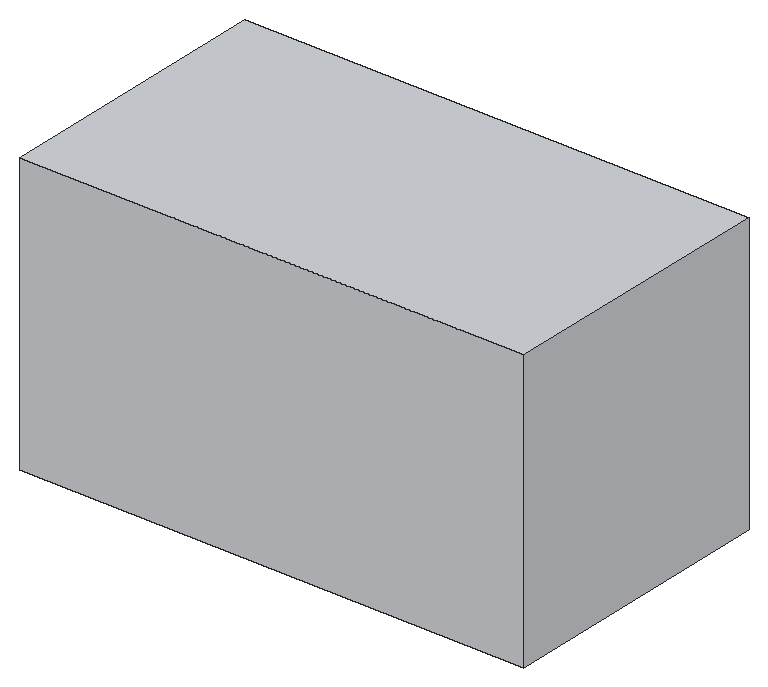
Revit family "e24dd1ef3e554bd19c3e7b84708fb33d", category Conduit Fittings, Revit 2021
Family settings
  Round Connector Dimension = Use Radius
  Part Type = Multi Port
  OmniClass Number = 23.80.30.17.11
  OmniClass Title = Conduits
  Work Plane-Based = No
  Always vertical = Yes
  Cut with Voids When Loaded = No
  Shared = No
Parameters (values of type "Single Gang")
  Width [instance] = if(not(Max Nominal Diameter 12 > 0' 0 3/4"), Outside Width, 6 * Max Nominal Diameter 12)  # 2 1/2"
  Outside Width = 2 1/2"
  Nominal Radius 2 [instance] = 1/4"
  Nominal Radius 1 [instance] = 1/4"
  Nominal Diameter 2 [instance] = Nominal Radius 2 * 2  # 1/2"
  Nominal Diameter 1 [instance] = Nominal Radius 1 * 2  # 1/2"
  Max Nominal Diameter 12 [instance] = if(Nominal Diameter 1 > Nominal Diameter 2, Nominal Diameter 1, Nominal Diameter 2)  # 1/2"
  Length [instance] = if(not(Max Nominal Diameter 12 > 0' 1"), 0' 4 1/2", 8 * Max Nominal Diameter 12)  # 4 1/2"
  Height [instance] = if(not(Max Nominal Diameter 12 > 0' 1"), 0' 2 1/2", if(Max Nominal Diameter 12 < 0' 6", 0' 6", Max Nominal Diameter 12 * 1.2))  # 2 1/2"
  Default Elevation = 0' - 0"
Types (4): name | Width | Outside Width
  (no name) | 2 1/2" | 2 1/2"
  Single Gang | 2 1/2" | 2 1/2"
  Double Gang | 4 3/4" | 4 3/4"
  Triple Gang | 6 77/128" | 6 77/128"
Reference planes (in)
  plane 1 "Center (Front/Back)": y = 0
  plane 2: z = 0
  plane 3 "Center (Left/Right)": x = 0
  plane 4: y = 1.25
  plane 5: y = -1.25
  plane 6: x = 4.5
  plane 7: z = -1.25
  plane 8: z = 1.25
Forms (in)
  Extrusion 1, solid
    sketch origin (0, 0, 0) x (1, 0, 0) y (0, 1, 0)
      loop
        line (0, 1.25) -> (0, -1.25) -> (4.5, -1.25) -> (4.5, 1.25) -> (0, 1.25)
    from -1.25 to 1.25
Dimensions and locks (in)
  equal spacing: plane 4, plane 1 "Center (Front/Back)", plane 5
  "Width": plane 4 to plane 5
  equal spacing: plane 8, plane 2, plane 7
  locked: level to plane 2
  "Height": plane 8 to plane 7
  "Length": plane 3 "Center (Left/Right)" to plane 6
  aligned and locked: Extrusion 1 sketch curve to plane 4
  aligned and locked: plane 5 to Extrusion 1 sketch curve
  aligned and locked: Extrusion 1 sketch curve to plane 6
  aligned: Extrusion 1 to plane 2
  aligned and locked: Extrusion 1 to plane 7
  aligned and locked: plane 8 to Extrusion 1
  aligned and locked: Extrusion 1 to plane 3 "Center (Left/Right)"
Automatic sketch dimensions
  plane 3 "Center (Left/Right)" to Extrusion 1 sketch curve = 0' - 0"
Connectors (in)
  cabletrayconduit at (0, 0, 0), diameter 0.5, driven by "Nominal Radius 1"
    settings: on Extrusion 1, index 1, connector width 1' - 0", connector height 1' - 0", connector angle 0.00°, system type 32, placement type 0, profile type 0, connector reference index 2, is primary connector yes, connector utility param no, connector description ""
  cabletrayconduit at (4.5, 0, 0), diameter 0.5, driven by "Nominal Radius 2"
    settings: on Extrusion 1, index 2, connector width 1' - 0", connector height 1' - 0", connector angle 0.00°, system type 32, placement type 0, profile type 0, connector reference index 1, is primary connector no, connector utility param no, connector description ""
